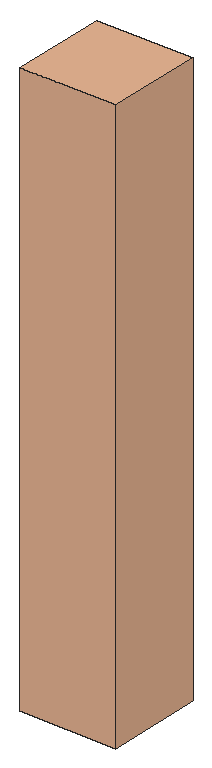
Revit family "EFWallStud", category Structural Columns, Revit 2021
Family settings
  Section Shape = Not Defined
  Material for Model Behavior = Other
  Always export as geometry = No
  Beam cutback in plan = From bounding box
  OmniClass Number = 23.25.30.11.14.11
  OmniClass Title = Columns
  Cut with Voids When Loaded = No
  Symbolic Representation = From Family
  Shared = No
  Show family pre-cut in plan views = Yes
Parameters
  b = 2' - 0"
  d = 2' - 0"
  ParentName = ""
  Height [instance] = 12' - 0"
Reference planes (in)
  plane 1 "Center (Front/Back)": y = 0
  plane 2: z = 0
  plane 3 "Center (Left/Right)": x = 0
  plane 4 "Left": x = -12
  plane 5 "Right": x = 12
  plane 6 "Back": y = 12
  plane 7 "Front": y = -12
Forms (in)
  Extrusion 1, solid, material "Wood"
    sketch origin (0, 0, 0) x (1, 0, 0) y (0, 1, 0)
      loop
        line (12, -12) -> (12, 12) -> (-12, 12) -> (-12, -12) -> (12, -12)
    from 0 to 144
Dimensions and locks (in)
  equal spacing: plane 4 "Left", plane 3 "Center (Left/Right)", plane 5 "Right"
  equal spacing: plane 7 "Front", plane 1 "Center (Front/Back)", plane 6 "Back"
  "d": plane 7 "Front" to plane 6 "Back"
  "b": plane 4 "Left" to plane 5 "Right"
  "Height": Extrusion 1 to Extrusion 1
  aligned and locked: level to plane 2
Automatic sketch dimensions
  Extrusion 1 sketch curve to plane 6 "Back" = 0' - 0"
  Extrusion 1 sketch curve to plane 5 "Right" = 0' - 0"
  plane 7 "Front" to Extrusion 1 sketch curve = 0' - 0"
  plane 4 "Left" to Extrusion 1 sketch curve = 0' - 0"
